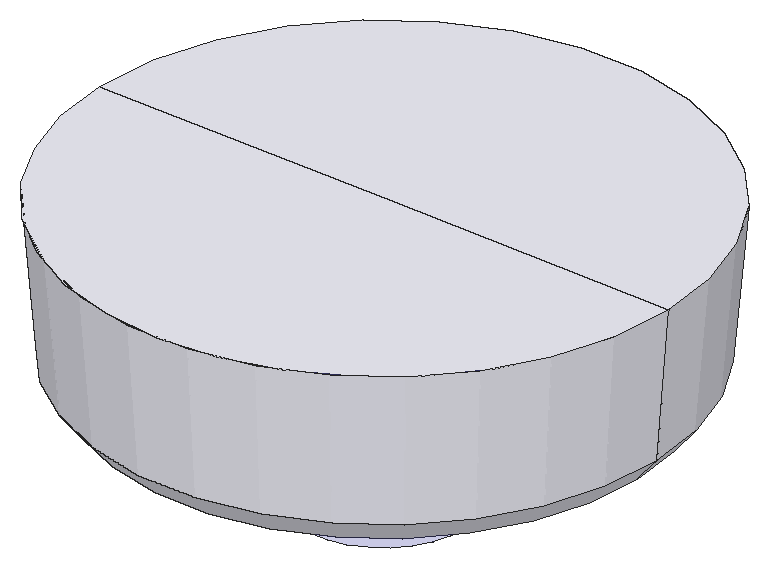
Revit family "PD3 AP types Sans hôte", category Dispositifs d'éclairage, Revit 2019
Family settings
  Conserver l'orientation des annotations = Non
  Cote de connecteur circulaire = Utiliser le diamètre
  Type d'élément = Normal
  Basée sur le plan de construction = Oui
  Toujours verticalement = Oui
  Couper avec des vides une fois chargée = Non
  Partagée = Non
  Point de calcul de pièce = Non
Parameters (values of type "01- PD3 AP Générique")
  Portée frontale [instance] = Position en hauteur * 2.4  # 600 cm
  Portée de biais [instance] = Position en hauteur * 4  # 1000 cm
  Hauteur de montage max préconisée [instance] = Hauteur de montage max  # 300 cm
  Hauteur de montage max = 300 cm
  Activitée assise [instance] = Position en hauteur * 1.6  # 400 cm
  Zone de detection [instance] = no
  URL = "http://www.luxomat.com"
  Type de Sortie = ""
  Température ambiante = "-25°C à +50°C"
  Référence = ""
  Relais = ""
  Position en hauteur [instance] = 250 cm
  Mode de pose = "Saillie"
  Etiquette [instance] = yes
  Modèle = "PD3 AP"
  Marque = "LUXOMAT"
  Image du type = 360°.jpg
  IP = "44"
  Fabricant = "B.E.G."
  Default Elevation = 0 cm
  Consommation = ""
  Commentaires du type = "DET.MOUV.360°/Ø10M APPARENT"
  Code d'assemblage = "D5010200"
  Classe = "II"
  Charge LED = ""
  Charge Cos ɸ =1 = ""
  Charge Cos ɸ =0.5 = ""
  Zone assise [instance] = Position en hauteur < 300.1 cm  # yes
  Alimentation = "110-240 V AC"
Types (5, lengths in cm): name | Type de Sortie | Référence | Relais | Modèle | Consommation | Commentaires du type | Charge LED | Charge Cos ɸ =1 | Charge Cos ɸ =0.5
  (no name) | "" | "" | "" | "PD3 AP" | "" | "DET.MOUV.360°/Ø10M APPARENT" | "" | "" | ""
  01- PD3 AP Générique | "" | "" | "" | "PD3 AP" | "" | "DET.MOUV.360°/Ø10M APPARENT" | "" | "" | ""
  03- PD3N 1C MICRO AP réf 92219 | "TOR" | "92219" | "10 A" | "PD3N 1C MICRO AP" | "0,49 W" | "DET.MOUV.1 CONTACT + MICRO.360°/Ø10M APPARENT" | "300 W" | "2300 W" | "1150 VA"
  04- PD3 1C AP réf 92194 | "TOR" | "92194" | "8,7 A" | "PD3 1C AP" | "< 1W" | "DET.MOUV.1 CONTACT.360°/Ø10M APPARENT NON TELECOMMANDABLE" | "250 W" | "2000 W" | "1000 VA"
  02- PD3N 1C AP réf 92190 | "TOR" | "92190" | "10 A" | "PD3N 1C AP" | "0,25 W" | "DET.MOUV.1 CONTACT.360°/Ø10M APPARENT" | "300 W" | "2300 W" | "1150 VA"
Reference planes (cm)
  plane 1 "Centre (avant/arrière)": y = 0
  plane 2: z = 0
  plane 3 "Centre (gauche/droite)": x = 0
Dimensions and locks (cm)
  aligned and locked: level to plane 2
  aligned and locked: nested 3 to plane 3 "Centre (gauche/droite)"
  aligned and locked: nested 3 to plane 1 "Centre (avant/arrière)"
  aligned and locked: nested 3 to nested 4  (x2)
Nested families (cm)
  nested 1: "Famille4" at (3.75, -61.5756, 0), visible <- "Etiquette", référence <- "Référence", modèle <- "Modèle", type "Famille4"
    with référence "", modèle "PD3 AP"
  nested 2: "Plafond 360° 2D" at (0, 0, 0), type "Plafond 360° 2D"
  nested 3: "zone G" at (0, 0, 0), activité assise <- "Activitée assise", biais <- "Portée de biais", frontal <- "Portée frontale", visible <- "Zone de detection", Zone assise <- "Zone assise", type "zone G"
    with position 2 240 cm, position 1 400 cm, frontal 600 cm, biais 1000 cm, activité assise 400 cm, Zone assise yes
  nested 4: "M8" at (0, 0, 0), type "Standard"
Connectors (cm)
  electrical at (0, 0, 0)
    settings: index 1, voltage 230 V, apparent load 0 VA, apparent load phase1 0 VA, apparent load phase2 0 VA, apparent load phase3 0 VA, power factor 1, load classification "Eclairage", number of poles 1, system type 31, power factor state 1, is connector primary yes, connector utility no, sub classification motor no, connector description ""
Definition of nested family "M8"
  Reference planes (cm)
    plane 1 "Centre (avant/arrière)": y = 0
    plane 2: z = 0
    plane 3 "Centre (gauche/droite)": x = 0
    plane 4: y = 0
  Forms (cm)
    Revolve 1, solid, not visible
      sketch origin (0, 0, 0) x (-1, 0, 0) y (0, 0, 1)
        loop
          line (0, 0) -> (0, 3.6) -> (-2.45, 3.6) -> (-2.6598, 3.35) -> (-2.6598, 3.1) -> (-4.3661, 2.8) -> (-4.69, 2.4) -> (-4.9, 0) -> (0, 0)
        axis (0, 0) -> (0, 3.6)
      angle from 0 to 360
    Revolve 2, solid, not visible
      sketch origin (0, 0, 0) x (-1, 0, 0) y (0, 0, 1)
        loop
          line (0, 3.6) -> (0, 5)
          arc (0, 5) -> (-1.3892, 4.6244) -> (-2.4, 3.6) r 2.7571
          line (-2.4, 3.6) -> (0, 3.6)
        axis (0, 3.6) -> (0, 5)
      angle from 0 to 360
    Revolve 3, solid
      sketch origin (0, 0, 0) x (-1, 0, 0) y (0, 0, -1)
        loop
          line (0, 0) -> (0, 3.6) -> (-2.45, 3.6) -> (-2.6598, 3.35) -> (-2.6598, 3.1) -> (-4.3661, 2.8) -> (-4.69, 2.4) -> (-4.9, 0) -> (0, 0)
        axis (0, 0) -> (0, 3.6)
      angle from 0 to 360
    Revolve 4, solid
      sketch origin (0, 0, 0) x (-1, 0, 0) y (0, 0, -1)
        loop
          line (0, 3.6) -> (0, 5)
          arc (0, 5) -> (-1.3892, 4.6244) -> (-2.4, 3.6) r 2.7571
          line (-2.4, 3.6) -> (0, 3.6)
        axis (0, 3.6) -> (0, 5)
      angle from 0 to 360
  Dimensions and locks (cm)
    aligned and locked: level to plane 2
Definition of nested family "Famille4"
  Parameters (values of type "Famille4")
    référence [instance] = ""
    modèle [instance] = ""
  Reference planes (cm)
    plane 1: y = 0
    plane 2: x = 0
  Text (cm)
    label "référence\nmodèle" at (-0.0547, 0.0091, 0), shows "référence", "modèle"
Definition of nested family "Plafond 360° 2D"
  Reference planes (cm)
    plane 1: y = 0
    plane 2: x = 0
  Lines and regions (cm)
    Filled region 1, type "rouge"
      outline origin (0, 0, 0) x (1, 0, 0) y (0, 1, 0)
        loop
          circle (0, 0) r 0.0294
    detail lines
      curve 1: arc (-0.1732, 0.1, 0) -> (-0.2, 0, 0) -> (-0.1732, -0.1, 0) r 0.2
      curve 2: arc (-0.1, -0.1732, 0) -> (0, -0.2, 0) -> (0.1, -0.1732, 0) r 0.2
      curve 3: arc (0.1732, -0.1, 0) -> (0.2, 0, 0) -> (0.1732, 0.1, 0) r 0.2
      curve 4: arc (0.1, 0.1732, 0) -> (0, 0.2, 0) -> (-0.1, 0.1732, 0) r 0.2
      curve 5: arc (-0.1375, 0.0794, 0) -> (-0.1588, 0, 0) -> (-0.1375, -0.0794, 0) r 0.1588
      curve 6: arc (-0.0794, -0.1375, 0) -> (0, -0.1588, 0) -> (0.0794, -0.1375, 0) r 0.1588
      curve 7: arc (0.1375, -0.0794, 0) -> (0.1588, 0, 0) -> (0.1375, 0.0794, 0) r 0.1588
      curve 8: arc (0.0794, 0.1375, 0) -> (0, 0.1588, 0) -> (-0.0794, 0.1375, 0) r 0.1588
      curve 9: arc (-0.1019, 0.0588, 0) -> (-0.1176, 0, 0) -> (-0.1019, -0.0588, 0) r 0.1176
      curve 10: arc (-0.0588, -0.1019, 0) -> (0, -0.1176, 0) -> (0.0588, -0.1019, 0) r 0.1176
      curve 11: arc (0.1019, -0.0588, 0) -> (0.1176, 0, 0) -> (0.1019, 0.0588, 0) r 0.1176
      curve 12: arc (0.0588, 0.1019, 0) -> (0, 0.1176, 0) -> (-0.0588, 0.1019, 0) r 0.1176
      curve 13: arc (-0.0294, 0, 0) -> (0, -0.0294, 0) -> (0.0294, 0, 0) r 0.0294
      curve 14: arc (0.0294, 0, 0) -> (0, 0.0294, 0) -> (-0.0294, 0, 0) r 0.0294
Definition of nested family "zone G"
  Parameters (values of type "zone G")
    position 2 [instance] = (frontal / 2) * 0.8  # 240 cm
    position 1 [instance] = ((biais / 2) + (frontal / 2)) / 2  # 400 cm
    frontal [instance] = 600 cm
    biais [instance] = 1000 cm
    activité assise [instance] = 400 cm
    Zone assise [instance] = yes
  Reference planes (cm)
    plane 1 "Centre (avant/arrière)": y = 0
    plane 2: z = 0
    plane 3 "Centre (gauche/droite)": x = 0
    plane 4: x = -400
    plane 5: y = -240
  Lines and regions (cm)
    detail lines, in view "Niveau de réf.", visible <- "Zone assise"
      curve 1: circle (0, 0, 0) r 200 normal (0, 0, 1)
      curve 16: spline (-100.1609, 35.3835, 0) -> (-99.2494, 35.2529, 0) -> (-98.3931, 34.8281, 0) -> (-97.6502, 34.138, 0) -> (-97.0714, 33.2297, 0) -> (-96.6961, 32.165, 0) -> (-96.55, 31.0166, 0) -> (-96.643, 29.8626, 0) -> (-96.9687, 28.7818, 0) -> (-97.5049, 27.8477, 0) -> (-98.2152, 27.1241, 0) -> (-99.051, 26.6602, 0) -> (-99.9555, 26.4877, 0) -> (-100.867, 26.6183, 0) -> (-101.7234, 27.0431, 0) -> (-102.4663, 27.7332, 0) -> (-103.0451, 28.6415, 0) -> (-103.4203, 29.7062, 0) -> (-103.5664, 30.8546, 0) -> (-103.4735, 32.0085, 0) -> (-103.1478, 33.0894, 0) -> (-102.6115, 34.0234, 0) -> (-101.9013, 34.7471, 0) -> (-101.0654, 35.211, 0) -> (-100.1609, 35.3835, 0)
      curve 17: line (-100, 26, 0) -> (-100, 0, 0)
      curve 18: line (-100, 0, 0) -> (-83, 0, 0)
      curve 19: line (-83, 0, 0) -> (-83, -21, 0)
      curve 20: line (-100, 22.2972, 0) -> (-87.1203, 15.4489, 0)
      curve 21: line (-110.5298, 20.3537, 0) -> (-105.6439, -2.6328, 0)
      curve 22: line (-105.6439, -2.6328, 0) -> (-85.0082, -2.6328, 0)
      curve 23: line (-90.8164, -2.6328, 0) -> (-90.8164, -21, 0)
      curve 24: line (-102.3261, -2.6328, 0) -> (-102.3261, -21, 0)
      curve 34: line (-90.8164, 8.5, 0) -> (-64.3164, 8.5, 0)
      curve 35: line (-75.5, -21, 0) -> (-75.5, 8.5, 0)
      curve 36: line (-69, -21, 0) -> (-69, 8.5, 0)
    detail lines, in view "Niveau de réf."
      curve 2: circle (0, 0, 0) r 300 normal (0, 0, 1)
      curve 3: circle (0, 0, 0) r 500 normal (0, 0, 1)
      curve 4: line (-400, -41.4725, 0) -> (-400, 41.4725, 0)
      curve 5: line (-400, 41.4725, 0) -> (-422.1638, 13.1041, 0)
      curve 6: line (-400, 41.4725, 0) -> (-377.8362, 13.1041, 0)
      curve 10: line (0, -294.5767, 0) -> (0, -211.6316, 0)
      curve 11: line (0, -211.6316, 0) -> (-22.1638, -240, 0)
      curve 12: line (0, -211.6316, 0) -> (22.1638, -240, 0)
    detail lines, in view "Niveau de réf.", not visible
      curve 7: line (628.0656, -64.277, 0) -> (628.0656, 18.6681, 0)
      curve 8: line (628.0656, 18.6681, 0) -> (605.9018, -9.7003, 0)
      curve 9: line (628.0656, 18.6681, 0) -> (650.2294, -9.7003, 0)
      curve 13: line (628.0656, -64.277, 0) -> (628.0656, 18.6681, 0)
      curve 14: line (628.0656, 18.6681, 0) -> (605.9018, -9.7003, 0)
      curve 15: line (628.0656, 18.6681, 0) -> (650.2294, -9.7003, 0)
    detail lines, in view "Niveau de réf.", visible <- "Zone assise", not visible
      curve 25: spline (932.3619, 15.8637, 0) -> (933.2734, 15.7331, 0) -> (934.1297, 15.3083, 0) -> (934.8726, 14.6182, 0) -> (935.4514, 13.7099, 0) -> (935.8267, 12.6452, 0) -> (935.9728, 11.4968, 0) -> (935.8798, 10.3428, 0) -> (935.5541, 9.262, 0) -> (935.0179, 8.3279, 0) -> (934.3076, 7.6043, 0) -> (933.4718, 7.1404, 0) -> (932.5673, 6.9679, 0) -> (931.6558, 7.0985, 0) -> (930.7994, 7.5233, 0) -> (930.0565, 8.2134, 0) -> (929.4777, 9.1217, 0) -> (929.1025, 10.1864, 0) -> (928.9564, 11.3348, 0) -> (929.0493, 12.4888, 0) -> (929.375, 13.5696, 0) -> (929.9113, 14.5037, 0) -> (930.6215, 15.2273, 0) -> (931.4574, 15.6912, 0) -> (932.3619, 15.8637, 0)
      curve 26: line (932.5228, 6.4802, 0) -> (932.5228, -19.5198, 0)
      curve 27: line (932.5228, -19.5198, 0) -> (949.5228, -19.5198, 0)
      curve 28: line (949.5228, -19.5198, 0) -> (949.5228, -40.5198, 0)
      curve 29: line (932.5228, 2.7774, 0) -> (945.4025, -4.0709, 0)
      curve 30: line (921.993, 0.8339, 0) -> (926.8789, -22.1526, 0)
      curve 31: line (926.8789, -22.1526, 0) -> (947.5146, -22.1526, 0)
      curve 32: line (941.7064, -22.1526, 0) -> (941.7064, -40.5198, 0)
      curve 33: line (930.1967, -22.1526, 0) -> (930.1967, -40.5198, 0)
      curve 37: line (941.7064, -11.0198, 0) -> (968.2064, -11.0198, 0)
      curve 38: line (957.0228, -40.5198, 0) -> (957.0228, -11.0198, 0)
      curve 39: line (963.5228, -40.5198, 0) -> (963.5228, -11.0198, 0)
  Dimensions and locks (cm)
    "position 1": plane 4 to plane 3 "Centre (gauche/droite)"
    "position 2": plane 5 to plane 1 "Centre (avant/arrière)"
    "activité assise": diameter of curve 1
    "biais": diameter of curve 3
    "frontal": diameter of curve 2
    aligned and locked: plane 4 to curve 4
    aligned and locked: plane 1 "Centre (avant/arrière)" to curve 18
    aligned and locked: curve 10 to plane 3 "Centre (gauche/droite)"
    aligned and locked: plane 5 to curve 12
  Automatic sketch dimensions
    curve 5 to curve 5 = 22.1638 cm
    curve 4 to curve 6 = 22.1638 cm
    curve 6 to curve 5 = 28.3684 cm
    curve 5 to curve 5 = 28.3684 cm
    curve 4 to curve 5 = 54.5767 cm
    curve 8 to curve 8 = 22.1638 cm
    curve 7 to curve 9 = 22.1638 cm
    curve 9 to curve 8 = 28.3684 cm
    curve 8 to curve 8 = 28.3684 cm
    curve 7 to curve 8 = 54.5767 cm
    curve 11 to curve 11 = 22.1638 cm
    curve 10 to curve 12 = 22.1638 cm
    curve 12 to curve 11 = 28.3684 cm
    curve 11 to curve 11 = 28.3684 cm
    curve 10 to curve 11 = 54.5767 cm
    curve 14 to curve 14 = 22.1638 cm
    curve 13 to curve 15 = 22.1638 cm
    curve 15 to curve 14 = 28.3684 cm
    curve 14 to curve 14 = 28.3684 cm
    curve 13 to curve 14 = 54.5767 cm
    curve 21 to curve 17 = 5.6439 cm
    curve 17 to curve 19 = 17 cm
    curve 22 to curve 19 = 2.6328 cm
    curve 21 to curve 20 = 10.5298 cm
    curve 21 to curve 24 = 3.3178 cm
    curve 16 to curve 17 = 0.1609 cm
    curve 16 to curve 16 = 0.1027 cm
    curve 23 to curve 18 = 7.8164 cm
    curve 34 to curve 23 = 0 cm
    curve 34 to curve 20 = 3.6961 cm
    curve 22 to curve 18 = 2.0082 cm
    curve 19 to curve 35 = 7.5 cm
    curve 35 to curve 36 = 6.5 cm
    curve 36 to curve 34 = 4.6836 cm
    curve 35 to curve 22 = 18.3672 cm
    curve 23 to curve 35 = 0 cm
    curve 19 to curve 35 = 0 cm
    curve 35 to curve 36 = 0 cm
    curve 24 to curve 23 = 0 cm
    curve 18 to curve 36 = 8.5 cm
    curve 34 to curve 20 = 6.9489 cm
    curve 17 to curve 21 = 20.3537 cm
    curve 21 to curve 20 = 1.9435 cm
    curve 20 to curve 17 = 3.7028 cm
    curve 17 to curve 16 = 4.9356 cm
    curve 30 to curve 26 = 5.6439 cm
    curve 26 to curve 28 = 17 cm
    curve 31 to curve 28 = 2.6328 cm
    curve 30 to curve 29 = 10.5298 cm
    curve 30 to curve 33 = 3.3178 cm
    curve 25 to curve 26 = 0.1609 cm
    curve 25 to curve 25 = 0.1027 cm
    curve 32 to curve 27 = 7.8164 cm
    curve 37 to curve 32 = 0 cm
    curve 37 to curve 29 = 3.6961 cm
    curve 31 to curve 27 = 2.0082 cm
    curve 28 to curve 38 = 7.5 cm
    curve 38 to curve 39 = 6.5 cm
    curve 39 to curve 37 = 4.6836 cm
    curve 38 to curve 31 = 18.3672 cm
    curve 32 to curve 38 = 0 cm
    curve 28 to curve 38 = 0 cm
    curve 38 to curve 39 = 0 cm
    curve 33 to curve 32 = 0 cm
    curve 27 to curve 39 = 8.5 cm
    curve 37 to curve 29 = 6.9489 cm
    curve 26 to curve 30 = 20.3537 cm
    curve 30 to curve 29 = 1.9435 cm
    curve 29 to curve 26 = 3.7028 cm
    curve 26 to curve 25 = 4.9356 cm
    curve 1 to curve 2 = 0 cm  (x2)
    curve 1 to curve 3 = 0 cm  (x2)
    curve 2 to curve 3 = 0 cm  (x2)
    plane 1 "Centre (avant/arrière)" to curve 2 = 0 cm
    curve 2 to plane 3 "Centre (gauche/droite)" = 0 cm
